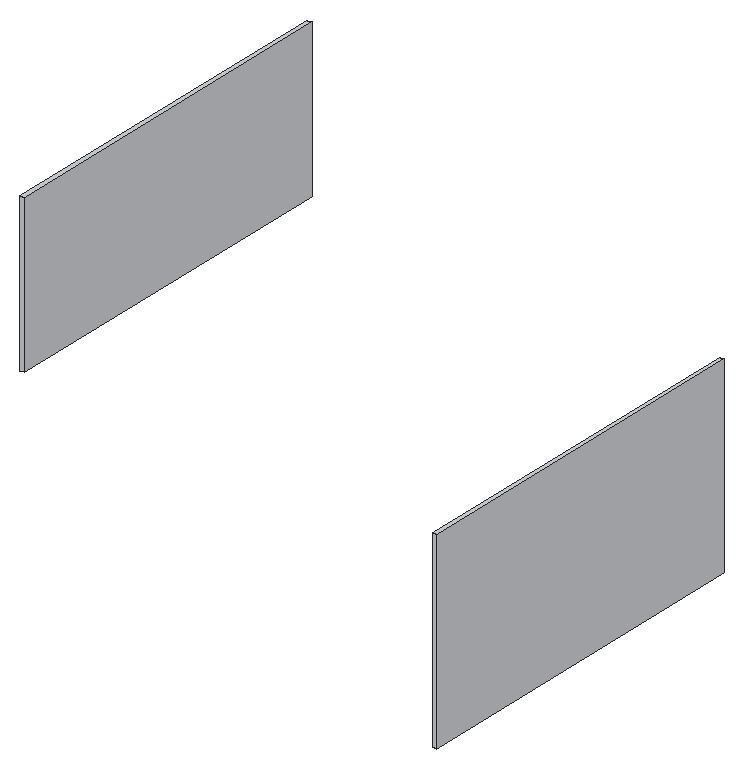
Revit family "EKF560E3 BIM position 1", category Mechanical Equipment, Revit 2013
Parameters (values of type "EKF560E3")
  Width = "850 mm"
  Weight = "132 kg"
  Warranty period = "Unit 2 years                                    Motor 5 years"
  Sub Type = "Lo-Carbon Kitchen Box Fan"
  Width (including handles) = "929 mm"
  Height (inclusing controller) = "1017 mm"
  Product Description = "Lo-Carbon Kitchen Box Fan"
  Part Number = "EKF560E3"
  Operating Temperature = "(-20C to +40C)"
  Maximum In-Duct Temperature = "120 Degrees C"
  Motor Rating = "2.58kW Max"
  Manufacturer - Website = "www.vent-axia.com"
  Manufacturer - Name = "Vent-Axia Ltd"
  Manufacturer - Email = "sales@vent-axia.com"
  Manufacturer - Contact Phone = "0844 856 0590"
  Manufacturer - Address = "Fleming Way, Crawley, West Sussex RH10 9YX"
  IP Rating = "IP54"
  Height = "850 mm"
  Length = "850 mm"
  Family = "In-Line Range"
  Country of Manufacture = "UK"
  Category = "Lo-Carbon Kitchen Box Fan"
  AC Voltage Input = "380-415V AC Three Phase"
  AC Frequency Input = "50 Hz"
Reference planes
  plane 1 "Center (Front/Back)": y = 0
  plane 2: z = 0
  plane 3 "Center (Left/Right)": x = 0
  plane 4: y = 464.5
  plane 5: y = -464.5
  plane 6: x = -425
  plane 7: x = 425
  plane 8: z = 535
  plane 9: z = 508.5
  plane 10: z = -508.5
Forms (mm)
  Extrusion 1, solid, detail levels coarse+medium
    sketch origin (-1239.08, 268.949, -45.414) x (1, 0, 0) y (0, 1, 0)
      loop
        line (748.906, 275.954) -> (748.906, -849.574) -> (1723.743, -849.574) -> (1723.743, 275.954) -> (748.906, 275.954)
    from -528.48 to 592.522
  Extrusion 2, solid
    sketch origin (0, 0, 0) x (0, 1, 0) y (0, 0, 1)
      loop
        line (364.007, -50) -> (-365.993, -50) -> (-365.993, -440) -> (364.007, -440) -> (364.007, -50)
    from 416.826 to 424.826
  Extrusion 3, solid
    sketch origin (0, 0, 0) x (0, 1, 0) y (0, 0, 1)
      loop
        line (364.007, 270) -> (-365.993, 270) -> (-365.993, -48.5) -> (364.007, -48.5) -> (364.007, 270)
    from -425.174 to -415.174
Dimensions and locks
  plane 6 to plane 7 = 850 mm
  import instance to import instance = 730 mm
  plane 5 to plane 4 = 929 mm
Connectors
  hvac at (416.826, -0.993, -245)
    settings: on import instance, index 1, duct flow 0.0 L/s, flow factor 0, pres drop 0.0 Pa, loss coef 0, conn angle 0.00°, conn width 730 mm, conn height 390 mm, conn radius 304.8 mm, duct sys type 2, conn prof type 1, flow config 0, flow direction 1, loss method 0, conn ref index -1, conn util no, is conn primary yes, conn desc ""
  hvac at (-415.174, -0.993, 110.75)
    settings: on import instance, index 2, duct flow 0.0 L/s, flow factor 0, pres drop 0.0 Pa, loss coef 0, conn angle 0.00°, conn width 730 mm, conn height 319 mm, conn radius 304.8 mm, duct sys type 2, conn prof type 1, flow config 0, flow direction 2, loss method 0, conn ref index -1, conn util no, is conn primary no, conn desc ""
